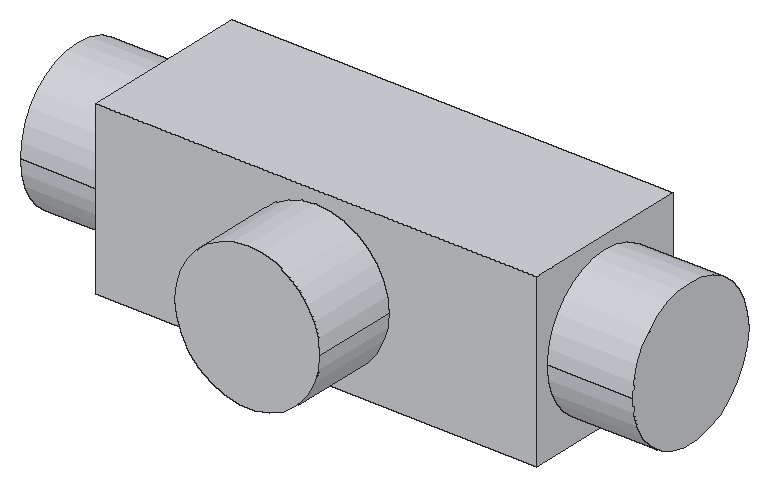
Revit family "M_Corpo do conduíte - Tipo T - PVC", category Conexões do conduite, Revit 2019
Family settings
  Cota do conector redondo = Usar raio
  Tipo de parte = Tê
  Número OmniClass = 23.80.30.17.11
  Título OmniClass = Conduits
  ID de item do Seek = Conduit Body - Type T - PVC-0000-CAN-ENU
  Com base no plano de trabalho = Não
  Sempre na vertical = Sim
  Corte com vazios quando carregada = Não
  Compartilhado = Não
Parameters (values of type "Padrão")
  Raio nominal 2 [instance] = 8 mm
  Raio nominal 1 [instance] = 8 mm
  Diâmetro nominal 2 [instance] = Raio nominal 2 * 2  # 16 mm
  Diâmetro nominal 1 [instance] = Raio nominal 1 * 2  # 16 mm
  Diâmetro nominal máximo 12 [instance] = if(Diâmetro nominal 1 > Diâmetro nominal 2, Diâmetro nominal 1, Diâmetro nominal 2)  # 16 mm
  Raio externo da conexão 2 [instance] = Diâmetro externo da conexão 2 * 0.5  # 13.716 mm
  Raio externo da conexão 1 [instance] = Diâmetro externo da conexão 1 * 0.5  # 13.716 mm
  Diâmetro externo da conexão 2 [instance] = size_lookup(Pesquisa de tamanho de conduite, "FOD", 1.14 * Diâmetro nominal 2 + 12.7 mm, Diâmetro nominal 2)  # 27.432 mm
  Diâmetro externo da conexão 1 [instance] = size_lookup(Pesquisa de tamanho de conduite, "FOD", 1.14 * Diâmetro nominal 1 + 12.7 mm, Diâmetro nominal 1)  # 27.432 mm
  Pesquisa de tamanho de conduite = "M_Conduit Body - Type T - PVC"
  Comprimento do conduíte 2 [instance] = size_lookup(Pesquisa de tamanho de conduite, "CLgt", 0.46 * Diâmetro nominal 2 + 11.41 mm, Diâmetro nominal 2)  # 16.231 mm
  Comprimento do conduíte 1 [instance] = size_lookup(Pesquisa de tamanho de conduite, "CLgt", 0.46 * Diâmetro nominal 1 + 11.41 mm, Diâmetro nominal 1)  # 16.231 mm
  Centro ao final [instance] = size_lookup(Pesquisa de tamanho de conduite, "CtE", 1.95 * Diâmetro nominal máximo 12 + 37.306 mm, Diâmetro nominal máximo 12)  # 57.912 mm
  Largura do corpo do conduíte [instance] = size_lookup(Pesquisa de tamanho de conduite, "CBW", 1.34 * Diâmetro nominal máximo 12 + 15.28 mm, Diâmetro nominal máximo 12)  # 32.207 mm
Reference planes
  plane 1 "Centro (Frente/Trás)": y = 0
  plane 2: z = 0
  plane 3 "Centro (Esquerda/Direita)": x = 0
  plane 4: x = -41.681
  plane 5: x = 41.681
  plane 6: y = 16.104
  plane 7: y = -16.104
  plane 8: z = 16.104
  plane 9: z = -16.104
  plane 10: x = -57.912
  plane 11: y = -32.334
  plane 12: x = 57.912
Forms (mm)
  Extrusion 1, solid
    sketch origin (0, 0, 0) x (1, 0, 0) y (0, 1, 0)
      loop
        line (-41.681, 16.104) -> (-41.681, -16.104) -> (41.681, -16.104) -> (41.681, 16.104) -> (-41.681, 16.104)
    from -16.104 to 16.104
  Extrusion 2, solid, detail levels fine
    sketch origin (0, 0, 0) x (0, 1, 0) y (0, 0, 1)
      loop
        circle (0, 0) r 13.716
    from -57.912 to -41.681
  Extrusion 3, solid, detail levels fine
    sketch origin (0, 0, 0) x (0, 1, 0) y (0, 0, 1)
      loop
        circle (0, 0) r 13.716
    from 41.681 to 57.912
  Extrusion 4, solid, detail levels fine
    sketch origin (0, 0, 0) x (1, 0, 0) y (0, 0, 1)
      loop
        circle (0, 0) r 13.716
    from 16.104 to 32.334
Lines and regions (mm)
  model lines, detail levels coarse+medium
    curve 1: line (-57.912, 0, 0) -> (-41.681, 0, 0)
    curve 2: line (41.681, 0, 0) -> (57.912, 0, 0)
    curve 3: line (0, -16.104, 0) -> (0, -32.334, 0)
Dimensions and locks
  equal spacing: plane 6, plane 1 "Centro (Frente/Trás)", plane 7
  "Largura do corpo do conduíte": plane 6 to plane 7
  equal spacing: plane 8, plane 2, plane 9
  "Largura do corpo do conduíte": plane 8 to plane 9
  "Comprimento do conduíte 1": plane 10 to plane 4
  "Centro ao final": plane 10 to plane 3 "Centro (Esquerda/Direita)"
  "Comprimento do conduíte 1": plane 5 to plane 12
  "Centro ao final": plane 3 "Centro (Esquerda/Direita)" to plane 12
  "Comprimento do conduíte 2": plane 7 to plane 11
  "Raio externo da conexão 1": radius of Extrusion 2 sketch curve
  "Raio externo da conexão 1": radius of Extrusion 3 sketch curve
  "Raio externo da conexão 2": radius of Extrusion 4 sketch curve
  aligned and locked: Extrusion 1 to plane 7
  aligned and locked: plane 6 to Extrusion 1
  aligned and locked: Extrusion 1 to plane 4
  aligned and locked: plane 5 to Extrusion 1
  aligned and locked: plane 8 to Extrusion 1
  aligned and locked: Extrusion 1 to plane 9
  aligned and locked: plane 2 to Extrusion 2 sketch curve
  aligned and locked: plane 1 "Centro (Frente/Trás)" to Extrusion 2 sketch curve
  aligned and locked: plane 4 to Extrusion 2
  aligned and locked: Extrusion 2 to plane 10
  aligned and locked: plane 10 to curve 1
  aligned and locked: plane 4 to curve 1
  aligned and locked: plane 1 "Centro (Frente/Trás)" to curve 1
  aligned and locked: plane 7 to curve 3
  aligned and locked: plane 11 to curve 3
  aligned and locked: curve 3 to plane 3 "Centro (Esquerda/Direita)"
  aligned and locked: plane 5 to curve 2
  aligned and locked: plane 1 "Centro (Frente/Trás)" to curve 2
  aligned and locked: plane 12 to curve 2
  aligned and locked: plane 2 to Extrusion 3 sketch curve
  aligned and locked: plane 1 "Centro (Frente/Trás)" to Extrusion 3 sketch curve
  aligned and locked: Extrusion 3 to plane 5
  aligned and locked: plane 12 to Extrusion 3
  aligned and locked: plane 2 to Extrusion 4 sketch curve
  aligned and locked: plane 3 "Centro (Esquerda/Direita)" to Extrusion 4 sketch curve
  aligned and locked: plane 7 to Extrusion 4
  aligned and locked: Extrusion 4 to plane 11
Automatic sketch dimensions
  plane 4 to Extrusion 1 sketch curve = 0 mm
  Extrusion 1 sketch curve to plane 5 = 0 mm
  plane 1 "Centro (Frente/Trás)" to Extrusion 1 sketch curve = 16.104 mm
  Extrusion 1 sketch curve to plane 1 "Centro (Frente/Trás)" = 16.104 mm
Connectors
  cabletrayconduit at (-57.912, 0, 0), diameter 16, driven by "Raio nominal 1"
    settings: on Extrusion 2, index 1, connector width 304.8 mm, connector height 304.8 mm, connector angle 0.00°, system type 32, placement type 0, profile type 0, connector reference index 2, is primary connector yes, connector utility param no, connector description ""
  cabletrayconduit at (57.912, 0, 0), diameter 16, driven by "Raio nominal 1"
    settings: on Extrusion 3, index 2, connector width 304.8 mm, connector height 304.8 mm, connector angle 0.00°, system type 32, placement type 0, profile type 0, connector reference index 1, is primary connector no, connector utility param no, connector description ""
  cabletrayconduit at (0, -32.334, 0), diameter 16, driven by "Raio nominal 2"
    settings: on Extrusion 4, index 3, connector width 304.8 mm, connector height 304.8 mm, connector angle 0.00°, system type 32, placement type 0, profile type 0, connector reference index -1, is primary connector no, connector utility param no, connector description ""
